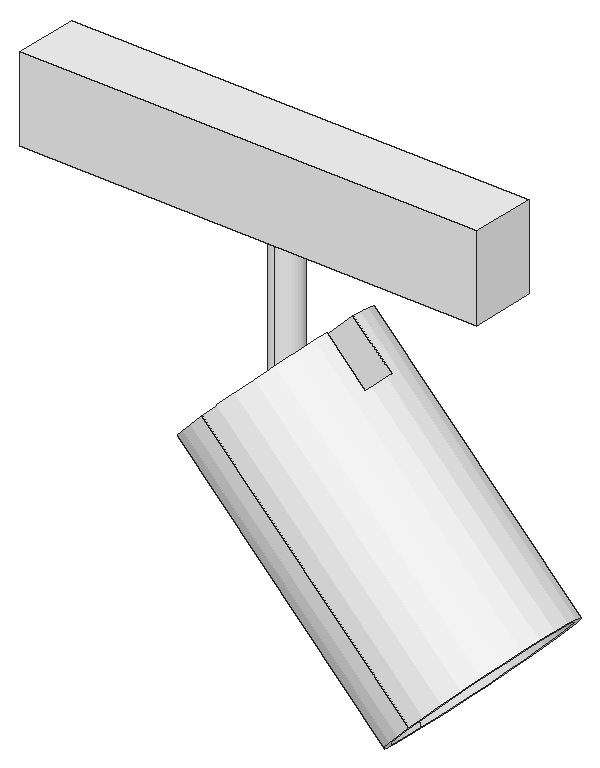
Revit family "C73", category Lighting Fixtures, host Ceiling, Revit 2018
Family settings
  Host = Ceiling
  Round Connector Dimension = Use Diameter
  Part Type = Normal
  OmniClass Number = 23.80.70.11
  OmniClass Title = Luminaries for Internal Lighting
  Always vertical = Yes
  Cut with Voids When Loaded = No
  Light Source = No
  Shared = No
  Room Calculation Point = No
Parameters (values of type "C73-L1800-9TC-277V-92-30-P")
  Wattage Comments = "277"
  Rotation XZ [instance] = 45.00°
  Rotation XY [instance] = 0.00°
  Lamp = ""
  FINISH = P-WHITE
  Constraint XZ [instance] = if(Rotation XZ < 0.00°, 0.00°, if(Rotation XZ > 90.00°, 90.00°, Rotation XZ))  # 45.00°
  Constraint XY [instance] = if(Rotation XY < 0.00°, 0.00°, if(Rotation XY > 340.00°, 340.00°, Rotation XY))  # 0.00°
  CRI = "92"
Types (10): name | Wattage Comments | Rotation XZ | Rotation XY | FINISH | Constraint XZ | Constraint XY
  (no name) | "277" | 45.00° | 0.00° | P-WHITE | 45.00° | 0.00°
  C73-L1800-9TC-120V-92-30-P | "120" | 0.00° | 45.00° | P-WHITE | 0.00° | 45.00°
  C73-L1800-9TC-120V-92-30-MB | "120" | 45.00° | 45.00° | MB-BLACK | 45.00° | 45.00°
  C73-L1800-9TC-120V-92-30-CP | "120" | 90.00° | 270.00° | CP-CUSTOM FINISH | 90.00° | 270.00°
  C73-L1800-9TC-240V-92-30-CP | "240" | 0.00° | 45.00° | CP-CUSTOM FINISH | 0.00° | 45.00°
  C73-L1800-9TC-277V-92-30-CP | "277" | 0.00° | 45.00° | CP-CUSTOM FINISH | 0.00° | 45.00°
  C73-L1800-9TC-240V-92-30-MB | "240" | 0.00° | 45.00° | MB-BLACK | 0.00° | 45.00°
  C73-L1800-9TC-277V-92-30-MB | "277" | 0.00° | 45.00° | MB-BLACK | 0.00° | 45.00°
  C73-L1800-9TC-240V-92-30-P | "240" | 0.00° | 45.00° | P-WHITE | 0.00° | 45.00°
  C73-L1800-9TC-277V-92-30-P | "277" | 45.00° | 0.00° | P-WHITE | 45.00° | 0.00°
Reference planes (in)
  plane 1 "Light Source Axis (F/B)": y = 0
  plane 2 "Ceiling": z = 96
  plane 3 "Light Source Axis (L/R)": x = 0
  plane 4 "Light Source Elevation": z = 96
  plane 5: z = 94.96691
  plane 6: through (-180, -9.36916, 79.49216) normal (0, -0.7071, 0.7071)
Forms (in)
  Extrusion 1, solid, material "P-WHITE" <- "FINISH"
    sketch origin (0, 0, 0) x (1, 0, 0) y (0, 0, 1)
      loop
        line (-4.01307, 97.405) -> (-4.01307, 96) -> (3.60515, 96) -> (3.60515, 97.405) -> (-4.01307, 97.405)
    from -0.53711 to 0.53711
Lines and regions (in)
  reference lines
    curve 1: line (0, 0, 96) -> (4.5, 0, 96)
Dimensions and locks (in)
  equal spacing: host sketch curve, plane 3 "Light Source Axis (L/R)", host sketch curve
  equal spacing: host sketch curve, plane 1 "Light Source Axis (F/B)", host sketch curve
  host sketch curve to host sketch curve = 10' - 0"  (x2)
  "Constraint XY": angle plane 1 "Light Source Axis (F/B)" to curve 1
  aligned and locked: plane 3 "Light Source Axis (L/R)" to curve 1
  aligned and locked: plane 1 "Light Source Axis (F/B)" to curve 1
Automatic sketch dimensions
  Extrusion 1 sketch curve to plane 2 "Ceiling" = 0' - 0"
  Extrusion 1 sketch curve to plane 3 "Light Source Axis (L/R)" = 0' - 4.01307"
  plane 3 "Light Source Axis (L/R)" to Extrusion 1 sketch curve = 0' - 3.60515"
  plane 2 "Ceiling" to Extrusion 1 sketch curve = 0' - 1.405"
Nested families (in)
  nested 1: "STEM LAMP_C73" at (0, 0, 96) x (0, -1, 0) z (0, 0, -1), Rotation XZ <- "Constraint XZ", Material <- "FINISH", type "STEM LAMP_C73"
    with Width_02 0' - 0.7874", Rotation XZ 45.00°, Material P-WHITE, Constraint XZ 45.00°
  nested 2: "LAMP_C73" at (1.14888, 0, 92.42695) x (0, -1, 0) z (0.7071, 0, 0.7071), type "LAMP_C73"
    with Material P-WHITE
  nested 3: "C73 IES Data" at (2.8315, 0.00073, 90.70921) x (0, 1, 0) z (-0.7071, 0, 0.7071), type "C73_IES"
Definition of nested family "STEM LAMP_C73"
  Parameters (values of type "STEM LAMP_C71")
    Width_04 = 0' - 0.47244"
    Width_03 = 0' - 0.62992"
    Width_02 [instance] = 0' - 0.7874"
    Width_01 = 0' - 1.06299"
    Widht_02 = 0' - 0.90551"
    Rotation XZ [instance] = 45.00°
    Material [instance] = none
    Default Elevation = 4' - 0"
    Constraint XZ [instance] = if(Rotation XZ < 0.00°, 0.00°, if(Rotation XZ > 90.00°, 90.00°, Rotation XZ))  # 45.00°
  Reference planes (in)
    plane 1 "Center (Front/Back)": y = 0
    plane 2: z = 0
    plane 3 "Center (Left/Right)": x = 0
    plane 4: z = 0.09453
    plane 5: z = 2.42417
    plane 6: y = 0.5315
    plane 7: y = -0.5315
    plane 8: y = 0.49213
    plane 9: y = -0.41339
    plane 10: x = -0.31496
    plane 11: x = 0.31496
    plane 12: x = -0.23622
    plane 13: x = 0.23622
    plane 14 "LAMP_02": y = 0.1382
    plane 15 "LAMP": z = 2.44188
    plane 16: z = 2.42417
  Forms (in)
    Extrusion 1, solid
      sketch origin (0, 0, 0) x (1, 0, 0) y (0, 1, 0)
        loop
          line (-48, 48) -> (-48, -48) -> (48, -48) -> (48, 48) -> (-48, 48)
      from 0 to -12
    Extrusion 2, solid, material <- "Material"
      sketch origin (0, 0, 0) x (1, 0, 0) y (0, 1, 0)
        loop
          circle (0, 0) r 0.35433
      from 0 to 0.09453
    Extrusion 3, solid, material <- "Material"
      sketch origin (0, 0, 0) x (1, 0, 0) y (0, 1, 0)
        loop
          circle (0, 0) r 0.25
      from 0.09453 to 2.42417
  Lines and regions (in)
    reference lines
      curve 1: line (0, 0, 2.42417) -> (0, -19.79387, 22.21804)
  Dimensions and locks (in)
    plane 4 to plane 2 = 0' - 0.09453"
    plane 5 to Extrusion 1 = 0' - 2.42417"
    equal spacing: plane 6, plane 1 "Center (Front/Back)", plane 7
    "Width_01": plane 6 to plane 7
    equal spacing: plane 11, plane 3 "Center (Left/Right)", plane 10
    equal spacing: plane 13, plane 3 "Center (Left/Right)", plane 12
    "Width_03": plane 11 to plane 10
    "Width_04": plane 13 to plane 12
    "Widht_02": plane 8 to plane 9
    plane 6 to plane 8 = 0' - 0.03937"
    plane 15 "LAMP" to plane 5 to Extrusion 1 = 0' - 0.01772", 0' - 2.42417"
    "Constraint XZ": angle plane 15 "LAMP" to curve 1
    aligned and locked: plane 2 to Extrusion 1
    aligned and locked: level to Extrusion 1
    aligned and locked: Extrusion 2 to level
    aligned and locked: plane 4 to Extrusion 2
    aligned and locked: Extrusion 3 to plane 4
    aligned and locked: plane 5 to Extrusion 3
    aligned and locked: plane 16 to curve 1
    aligned and locked: plane 1 "Center (Front/Back)" to curve 1
  Automatic sketch dimensions
    Extrusion 1 sketch curve to Extrusion 1 sketch curve = 8' - 0"  (x2)
    plane 1 "Center (Front/Back)" to Extrusion 3 sketch curve = 0' - 0"
    Extrusion 3 sketch curve to plane 3 "Center (Left/Right)" = 0' - 0"
    plane 1 "Center (Front/Back)" to Extrusion 2 sketch curve = 0' - 0"
    Extrusion 2 sketch curve to plane 3 "Center (Left/Right)" = 0' - 0"
    radius of Extrusion 3 sketch curve = 0' - 0 1/4"
    radius of Extrusion 2 sketch curve = 0' - 0.35433"
  Nested families (in)
    nested 1: "LAMP_C73" at (0, -1.14888, 3.57305) x (1, 0, 0) z (0, -0.7071, -0.7071), Material <- "Material", type "LAMP_C73"
  Definition of nested family "LAMP_C73"
    Parameters (values of type "LAMP_C71")
      Width_01 = 0' - 3.14961"
      Material [instance] = none
      Default Elevation = 4' - 0"
    Reference planes (in)
      plane 1 "Center (Front/Back)": y = 0
      plane 2: z = 0
      plane 3 "Center (Left/Right)": x = 0
      plane 4: z = 3.00208
      plane 5: z = -3.88768
      plane 6: z = 1.53543
      plane 7: z = -1.53543
      plane 8: z = 0
      plane 9: z = 0
      plane 10: y = 5.18689
      plane 11: y = -1.70287
      plane 12 "Light Source": y = 5.305
      plane 13: y = -0.97504
    Forms (in)
      Extrusion 1, solid
        sketch origin (0, 0, 0) x (1, 0, 0) y (0, 1, 0)
          loop
            line (-48, 48) -> (-48, -48) -> (48, -48) -> (48, 48) -> (-48, 48)
        from 0 to -12
      Extrusion 2, void
        sketch origin (0, 0, -0.70866) x (0, -1, 0) y (1, 0, 0)
          loop
            line (0.97504, -0.27559) -> (3.04961, -0.27559) -> (3.04961, 0.27559) -> (0.97504, 0.27559) -> (0.97504, -0.27559)
        from 2.34295 to 0.31496
      Extrusion 3, solid, material <- "Material"
        sketch origin (0, 0.77744, -0.70866) x (1, 0, 0) y (0, 0, 1)
          loop
            circle (0, 0.70866) r 1.53543
        from -2.21752 to 2.65748
      Revolve 4, void
        sketch origin (0, -0.43996, -0.59055) x (0, 1, 0) y (0, 0, 1)
          loop
            line (3.43492, 0.59055) -> (3.43492, 2.04703) -> (2.84437, 1.77165) -> (2.84437, 0.59055) -> (3.43492, 0.59055)
          axis (2.84437, 0.59055) -> (3.43492, 0.59055)
        angle from 0 to 360
    Cuts and joins
      Extrusion 2, Revolve 4 cuts Extrusion 3
    Dimensions and locks (in)
      plane 4 to Extrusion 1 = 0' - 3.00208"
      Extrusion 1 to plane 5 = 0' - 3.88768"
      Extrusion 2 to Extrusion 2 = 0' - 0.55118"
      equal spacing: plane 6, plane 8, plane 7
      plane 6 to plane 7 = 0' - 3.07087"
      plane 9 to plane 7 = 0' - 1.53543"
      plane 10 to plane 1 "Center (Front/Back)" to plane 11 = 0' - 5.18689" locked, 0' - 1.70287" locked
      aligned and locked: plane 2 to Extrusion 1
      aligned and locked: level to Extrusion 1
Definition of nested family "LAMP_C73"
  Parameters (values of type "LAMP_C71")
    Width_01 = 0' - 3.14961"
    Material [instance] = none
    Default Elevation = 4' - 0"
  Reference planes (in)
    plane 1 "Center (Front/Back)": y = 0
    plane 2: z = 0
    plane 3 "Center (Left/Right)": x = 0
    plane 4: z = 3.00208
    plane 5: z = -3.88768
    plane 6: z = 1.53543
    plane 7: z = -1.53543
    plane 8: z = 0
    plane 9: z = 0
    plane 10: y = 5.18689
    plane 11: y = -1.70287
    plane 12 "Light Source": y = 5.305
    plane 13: y = -0.97504
  Forms (in)
    Extrusion 1, solid
      sketch origin (0, 0, 0) x (1, 0, 0) y (0, 1, 0)
        loop
          line (-48, 48) -> (-48, -48) -> (48, -48) -> (48, 48) -> (-48, 48)
      from 0 to -12
    Extrusion 2, void
      sketch origin (0, 0, -0.70866) x (0, -1, 0) y (1, 0, 0)
        loop
          line (0.97504, -0.27559) -> (3.04961, -0.27559) -> (3.04961, 0.27559) -> (0.97504, 0.27559) -> (0.97504, -0.27559)
      from 2.34295 to 0.31496
    Extrusion 3, solid, material <- "Material"
      sketch origin (0, 0.77744, -0.70866) x (1, 0, 0) y (0, 0, 1)
        loop
          circle (0, 0.70866) r 1.53543
      from -2.21752 to 2.65748
    Revolve 4, void
      sketch origin (0, -0.43996, -0.59055) x (0, 1, 0) y (0, 0, 1)
        loop
          line (3.43492, 0.59055) -> (3.43492, 2.04703) -> (2.84437, 1.77165) -> (2.84437, 0.59055) -> (3.43492, 0.59055)
        axis (2.84437, 0.59055) -> (3.43492, 0.59055)
      angle from 0 to 360
  Cuts and joins
    Extrusion 2, Revolve 4 cuts Extrusion 3
  Dimensions and locks (in)
    plane 4 to Extrusion 1 = 0' - 3.00208"
    Extrusion 1 to plane 5 = 0' - 3.88768"
    Extrusion 2 to Extrusion 2 = 0' - 0.55118"
    equal spacing: plane 6, plane 8, plane 7
    plane 6 to plane 7 = 0' - 3.07087"
    plane 9 to plane 7 = 0' - 1.53543"
    plane 10 to plane 1 "Center (Front/Back)" to plane 11 = 0' - 5.18689" locked, 0' - 1.70287" locked
    aligned and locked: plane 2 to Extrusion 1
    aligned and locked: level to Extrusion 1
Definition of nested family "C73 IES Data"
  Parameters (values of type "C71_IES")
    Wattage = 30.5556 W
    built-in parameter 1150110 = 1 (stored number, unit not read)
    built-in parameter 1114217 = 1 (stored number, unit not read)
    Tilt Angle = 90.00°
    built-in parameter 1150109 = 1 (stored number, unit not read)
    built-in parameter 1150134 = (empty or 0)
    built-in parameter 1150113 = 1 (stored number, unit not read)
    built-in parameter 1010507 = 1.5708 (stored number, unit not read)
    built-in parameter 1010506 = 0.5236 (stored number, unit not read)
    Model = ""
    Manufacturer = ""
    built-in parameter 1150105 = 10030.7 (stored number, unit not read)
    Lumens = 3000 lm
    built-in parameter 1150115 = 1 (stored number, unit not read)
    Light Source Symbol Length = 10' - 0"
    built-in parameter 1150137 = (empty or 0)
    built-in parameter 1150139 = (empty or 0)
    built-in parameter 1150112 = 1 (stored number, unit not read)
    built-in parameter 1150114 = 1 (stored number, unit not read)
    Lamp = ""
    built-in parameter 1150132 = 2
    built-in parameter 1150102 = (empty or 0)
    built-in parameter 1150107 = 3000 (stored number, unit not read)
    built-in parameter 1150138 = (empty or 0)
    built-in parameter 1150106 = 100.31 (stored number, unit not read)
    Emit from Circle Diameter = 0' - 2.95276"
    Emit Shape Visible in Rendering = no
    built-in parameter 1150104 = 9.1214 (stored number, unit not read)
    Dimming Lamp Color Temperature Shift = (empty or 0)
    Description = ""
    Default Elevation = 0' - 0"
    Content Creator = ""
    Color Filter = 16777215
    built-in parameter 1114218 = 1 (stored number, unit not read)
    built-in parameter 1150133 = 10 (stored number, unit not read)
    Apparent Load = 27.5 VA
  Reference planes (in)
    plane 1 "Center (Front/Back)": y = 0
    plane 2: z = 0
    plane 3 "Center (Left/Right)": x = 0
  Forms (in)
    Extrusion 1, solid
      sketch origin (0, 0, 0) x (1, 0, 0) y (0, 1, 0)
        loop
          line (-48, 48) -> (-48, -48) -> (48, -48) -> (48, 48) -> (-48, 48)
      from 0 to 4.87962
  Dimensions and locks (in)
    aligned and locked: plane 2 to Extrusion 1
    aligned and locked: level to Extrusion 1
